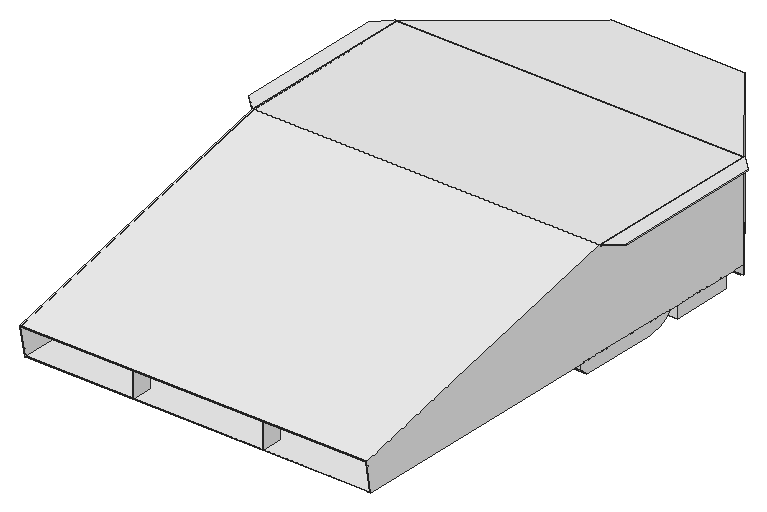
Revit family "HARMANN  -REVIT - INDUFLOW CPC_F3", category Wyposażenie mechaniczne, Revit 2025
Family settings
  Wymiar okrągłego złącza = Użyj średnicy
  Typ części = Normalny
  Numer OmniClass = 23.75.00.00
  Tytuł OmniClass = Climate Control (HVAC)
  Oparty na płaszczyźnie roboczej = Nie
  Zawsze pionowo = Nie
  Tnij formami wycięć po wczytaniu = Nie
  Zachowaj orientację opisów = Nie
  Współdzielony = Nie
  Punkt obliczania pomieszczeń = Nie
Parameters (values of type "INDUFLOW CPC 500 D4 F3")
  h = 70.00 mm
  g = 163.00 mm
  f = 163.00 mm
  e = 15.00 mm
  d = 77.00 mm
  c = 714.00 mm
  b = 228.50 mm
  a = 110.00 mm
  Zasilanie natężenie maksymalne II bieg Imax = 0 A
  Zasilanie natężenie maksymalne I bieg Imax = 3.7 A
  Zasilanie napięcie nominalne Unom = 400 V  # constant formula
  Zasilanie Rodzaj Sterowania = "I bieg Y"
  Zasilanie Moc maksymalna II Pmax = 1891 W
  Zasilanie Moc maksymalna I Pmax = 0 W
  Zasilanie Częstotliwość Nominalna = 50 Hz  # constant formula
  Wyłącznik serwisowy = "AS"
  Temperatura maksymalna Tmax = 60 °C  # constant formula
  Siła ciągu II bieg F = 51.00 N
  Siła ciągu I bieg F = 0.00 N
  Powietrze Przepływ Maksymalny II Qmax = 6530 m³/h
  Powietrze Przepływ Maksymalny I Qmax = 0 m³/h
  Obroty maksymalne II bieg nmax = 1450.000 RPM
  Obroty maksymalne I bieg nmax = 0.000 RPM
  N1 = 1 mm
  Producent = "Harmann Polska Sp. z o.o."  # constant formula
  Lookup Table Name = "INDUFLOW_CPC"
  Typ = "Jednobiegowy"
  Klasa odporności ogniowej Tmax = "300 oC/2h"
  K = size_lookup(Lookup Table Name, "K", 1.00 mm, N1)  # 914.00 mm
  Ilość faz = 3  # constant formula
  H = size_lookup(Lookup Table Name, "H", 1.00 mm, N1)  # 15.00 mm
  G = size_lookup(Lookup Table Name, "G", 1.00 mm, N1)  # 285.00 mm
  Numer artykułu = "15960200"
  Model = "INDUFLOW CPC 500 D4 F3"
  Masa = 56.00 kg
  F = size_lookup(Lookup Table Name, "F", 1.00 mm, N1)  # 243.00 mm
  Opis = "Indukcyjny wentylator bytowy"  # constant formula
  Domyślna rzędna = 0.00 mm
  E = size_lookup(Lookup Table Name, "E", 1.00 mm, N1)  # 950.00 mm
  Ciśnienie akustyczne nominalne II bieg Lpa = "76.0 dB(A)"
  Ciśnienie akustyczne nominalne I bieg Lpa = "0"
  C = size_lookup(Lookup Table Name, "C", 1.00 mm, N1)  # 870.00 mm
  B = size_lookup(Lookup Table Name, "B", 1.00 mm, N1)  # 273.00 mm
  Autor = "https://www.archispace.com/"
  A = size_lookup(Lookup Table Name, "A", 1.00 mm, N1)  # 1446.00 mm
Types (4, lengths in mm): name | g | f | c | b | a | Zasilanie natężenie maksymalne II bieg Imax | Zasilanie natężenie maksymalne I bieg Imax | Zasilanie Rodzaj Sterowania | Zasilanie Moc maksymalna II Pmax | Zasilanie Moc maksymalna I Pmax | Siła ciągu II bieg F | Siła ciągu I bieg F | Powietrze Przepływ Maksymalny II Qmax | Powietrze Przepływ Maksymalny I Qmax | Obroty maksymalne II bieg nmax | Obroty maksymalne I bieg nmax | N1 | Typ | K | Numer artykułu | Model | Masa | F | E | Ciśnienie akustyczne nominalne II bieg Lpa | Ciśnienie akustyczne nominalne I bieg Lpa | C | B | A
  INDUFLOW CPC 560 D84 F3 | 181.00 | 187.50 | 814.00 | 281.50 | 164.50 | 6 A | 2.3 A | "II biegi Y/YY" | 3060 W | 597 W | 81.00 N | 20.00 N | 7980 m³/h | 3990 m³/h | 1460.000 RPM | 705.000 RPM | 4 | "Dwubiegowy" | 1020.00 | "15968700" | "INDUFLOW CPC 560 D84 F3" | 71.00 kg | 271.00 | 1054.00 | "77.0 dB(A)" | "61.0 dB(A)" | 974.00 | 301.00 | 1753.00
  INDUFLOW CPC 560 D4 F3 | 181.00 | 187.50 | 814.00 | 281.50 | 164.50 | 5.2 A | 0 A | "I bieg Y" | 2705 W | 0 W | 80.00 N | 0.00 N | 7920 m³/h | 0 m³/h | 1440.000 RPM | 0.000 RPM | 3 | "Jednobiegowy" | 1020.00 | "15769800" | "INDUFLOW CPC 560 D4 F3" | 74.50 kg | 271.00 | 1054.00 | "77.0 dB(A)" | "0.0 dB(A)" | 974.00 | 301.00 | 1753.00
  INDUFLOW CPC 500 D84 F3 | 163.00 | 163.00 | 714.00 | 228.50 | 110.00 | 1.5 A | 4.5 A | "II biegi Y/YY" | 2094 W | 350 W | 50.00 N | 12.00 N | 6500 m³/h | 3219 m³/h | 1460.000 RPM | 715.000 RPM | 2 | "Dwubiegowy" | 914.00 | "15963200" | "INDUFLOW CPC 500 D84 F3" | 56.00 kg | 243.00 | 950.00 | "76.0 dB(A)" | "61.0 dB(A)" | 870.00 | 273.00 | 1446.00
  INDUFLOW CPC 500 D4 F3 | 163.00 | 163.00 | 714.00 | 228.50 | 110.00 | 0 A | 3.7 A | "I bieg Y" | 1891 W | 0 W | 51.00 N | 0.00 N | 6530 m³/h | 0 m³/h | 1450.000 RPM | 0.000 RPM | 1 | "Jednobiegowy" | 914.00 | "15960200" | "INDUFLOW CPC 500 D4 F3" | 56.00 kg | 243.00 | 950.00 | "76.0 dB(A)" | "0" | 870.00 | 273.00 | 1446.00
Reference planes
  plane 1 "Center (Front/Back)": y = 0
  plane 2: z = 0
  plane 3 "Center (Left/Right)": x = 0
  plane 4: x = -457
  plane 5: x = 457
  plane 6: z = 273
  plane 7: y = -1446
  plane 8: z = 30
  plane 9: x = -435
  plane 10: x = 435
  plane 11: x = -432.5
  plane 12: x = 432.5
  plane 13: x = -110
  plane 14: x = 228.5
  plane 15: y = -264
  plane 16: y = -714
  plane 17: z = 107
  plane 18: y = -1431
  plane 19: x = -163
  plane 20: x = 163
  plane 21: z = 271
Forms (mm)
  Sweep 1, solid, material "HARMANN - Aluminium", detail levels medium+fine
    path origin (-123, 0, 0) x (1, 0, 0) y (0, 1, 0)
      loop
        line (-40, -1381) -> (-40, -1431)
    profile origin (-163, -1406, 0) x (1, 0, 0) y (0, 0, 1)
      loop
        line (1.25, 104.958) -> (-1.25, 104.958) -> (-1.25, 32) -> (1.25, 32) -> (1.25, 104.958)
  Sweep 2, solid, material "HARMANN - Aluminium", detail levels medium+fine
    path origin (389, 0, 0) x (1, 0, 0) y (0, 1, 0)
      loop
        line (-226, -1381) -> (-226, -1431)
    profile origin (163, -1406, 0) x (1, 0, 0) y (0, 0, 1)
      loop
        line (1.25, 104.958) -> (-1.25, 104.958) -> (-1.25, 32) -> (1.25, 32) -> (1.25, 104.958)
  Extrusion 3, solid, material "HARMANN - Aluminium", detail levels coarse
    sketch origin (0, 0, 0) x (0, -1, 0) y (0, 0, -1)
      loop
        line (0, -273) -> (714, -273) -> (1446, -107) -> (1446, 0) -> (0, 0) -> (0, -273)
    from -435 to 435
  Sweep 4, void
    path origin (0, 0, 0) x (0, 1, 0) y (0, 0, 1)
      loop
        line (0, 30) -> (0, 0)
    profile origin (0, 0, 15) x (1, 0, 0) y (0, 1, 0)
      loop
        line (-435, 0) -> (-435, -264) -> (-110, 0) -> (-435, 0)
      loop
        line (435, 0) -> (228.5, 0) -> (435, -264) -> (435, 0)
  Sweep 5, solid, material "HARMANN - Aluminium", detail levels medium+fine
    path origin (0, 0, 0) x (1, 0, 0) y (0, 1, 0)
      loop
        line (-435, -439) -> (435, -439)
    profile origin (0, -439, 0) x (0, 1, 0) y (0, 0, 1)
      loop
        line (-333.4, 30) -> (-333.4, 18) -> (-315.4, 0) -> (-118.99, 0)
        arc (-118.99, 0) -> (-84.349, 7.889) -> (-56.54, 30) r 80
        line (-56.54, 30) -> (-333.4, 30)
      loop
        line (418.7, 0) -> (436.7, 18) -> (436.7, 30) -> (146.34, 30)
        arc (146.34, 30) -> (174.149, 7.889) -> (208.79, 0) r 80
        line (208.79, 0) -> (418.7, 0)
      loop
        line (121.238, 0) -> (121.238, 30) -> (-31.438, 30) -> (-31.438, 0) -> (121.238, 0)
  Extrusion 6, solid, material "HARMANN - Aluminium", detail levels medium+fine
    sketch origin (0, 381.858, 30) x (-1, 0, 0) y (0, 1, 0)
      loop
        line (-435, -645.858) -> (435, -645.858) -> (110, -381.858) -> (-228.5, -381.858) -> (-435, -645.858)
    from -243 to 0
  Sweep 7, solid, material "HARMANN - Aluminium", detail levels medium+fine
    path origin (0, 381.858, 30) x (-1, 0, 0) y (0, -1, 0)
      loop
        line (-432.5, 645.858) -> (432.5, 645.858)
    profile origin (0, -264, 30) x (0, -1, 0) y (0, 0, 1)
      loop
        line (0, 243) -> (0, 0) -> (1167, 0) -> (1167, 2) -> (2, 2) -> (2, 241) -> (449.776, 241) -> (1182, 74.949) -> (1182, 77) -> (450, 243) -> (0, 243)
  Sweep 8, solid, material "HARMANN - Aluminium", detail levels medium+fine
    path origin (0, 381.858, 30) x (-1, 0, 0) y (0, -1, 0)
      loop
        line (432.5, 645.858) -> (435, 645.858)
    profile origin (-433.75, -264, 30) x (0, -1, 0) y (0, 0, 1)
      loop
        line (0, 243) -> (0, 0) -> (1167, 0) -> (1182, 77) -> (450, 243) -> (0, 243)
  Sweep 9, solid, material "HARMANN - Aluminium", detail levels medium+fine
    path origin (0, 381.858, 30) x (-1, 0, 0) y (0, -1, 0)
      loop
        line (-435, 645.858) -> (-432.5, 645.858)
    profile origin (433.75, -264, 30) x (0, -1, 0) y (0, 0, 1)
      loop
        line (0, 243) -> (0, 0) -> (1167, 0) -> (1182, 77) -> (450, 243) -> (0, 243)
  Sweep 10, solid, material "HARMANN - Aluminium", detail levels medium+fine
    path origin (0, 0, 0) x (1, 0, 0) y (0, 0, 1)
      loop
        line (-435, 273) -> (-435, 271)
    profile origin (-435, 0, 272) x (0, -1, 0) y (1, 0, 0)
      loop
        line (264, 0) -> (264, -4) -> (300, -40) -> (678, -40) -> (714, -4) -> (714, 0) -> (264, 0)
  Sweep 11, solid, material "HARMANN - Aluminium", detail levels medium+fine
    path origin (0, 0, 0) x (-1, 0, 0) y (0, 0, -1)
      loop
        line (-435, -273) -> (-435, -271)
    profile origin (435, 0, 272) x (0, -1, 0) y (1, 0, 0)
      loop
        line (264, 0) -> (714, 0) -> (714, 4) -> (678, 40) -> (300, 40) -> (264, 4) -> (264, 0)
  Sweep 12, solid, material "HARMANN - Aluminium", detail levels medium+fine
    path in 3D
      loop
        line (-172.854, -51.057, 273) -> (-250.473, -114.107, 273)
    profile origin (-211.664, -82.582, 273) x (0.630503, -0.776187, 0) y (0, 0, 1)
      loop
        line (0, -70) -> (-70, -70) -> (-70, -231) -> (0, -231) -> (0, -70)
Cuts and joins
  Sweep 4 cuts Sweep 5
  joined: Sweep 7, Sweep 8, Sweep 9
Lines and regions (mm)
  sketch lines
    curve 1: line (-172.854, -51.057, 273) -> (-250.473, -114.107, 273)
Dimensions and locks
  locked: plane 12 to plane 10 at 2.5
  locked: plane 9 to plane 11 at 2.5
  "A": plane 7 to plane 1 "Center (Front/Back)"
  "K": plane 4 to plane 5
  equal spacing: plane 4, plane 3 "Center (Left/Right)", plane 5
  locked: Sweep 1 sketch curve to plane 18 at 50
  equal spacing: plane 9, plane 3 "Center (Left/Right)", plane 10
  "C": plane 9 to plane 10
  locked: plane 8 to level at 30
  "F": plane 8 to plane 6
  plane 15 to plane 1 "Center (Front/Back)" = 264.00 mm
  "a": plane 13 to plane 3 "Center (Left/Right)"
  "b": plane 3 "Center (Left/Right)" to plane 14
  "c": plane 16 to plane 1 "Center (Front/Back)"
  "c": plane 1 "Center (Front/Back)" to plane 16
  "d": plane 8 to plane 17
  locked: plane 18 to plane 7 at 15
  locked: plane 15 to Sweep 7 sketch curve at 2
  locked: plane 8 to Sweep 7 sketch curve at 2
  locked: Sweep 7 sketch curve to Sweep 7 sketch curve at 2
  "f": plane 19 to plane 3 "Center (Left/Right)"
  locked: plane 18 to Sweep 2 sketch curve at 50
  "g": plane 3 "Center (Left/Right)" to plane 20
  locked: plane 6 to plane 21 at 2
  locked: Sweep 10 sketch curve to plane 9 at 40
  locked: Sweep 10 sketch curve to plane 15 at 36
  locked: Sweep 10 sketch curve to plane 16 at 36
  locked: Sweep 10 sketch curve to plane 9 at 4  (x2)
  locked: plane 10 to Sweep 11 sketch curve at 40
  plane 10 to Sweep 11 sketch curve = 40.00 mm
  locked: Sweep 11 sketch curve to plane 15 at 36
  locked: Sweep 11 sketch curve to plane 16 at 36
  aligned and locked: level to plane 2
  aligned and locked: Extrusion 3 sketch curve to plane 1 "Center (Front/Back)"
  aligned and locked: plane 1 "Center (Front/Back)" to Sweep 4 sketch curve  (x3)
  aligned and locked: level to Sweep 4 sketch curve
  aligned and locked: plane 9 to Sweep 4 sketch curve
  aligned and locked: plane 13 to Sweep 4 sketch curve
  aligned and locked: plane 15 to Sweep 4 sketch curve  (x2)
  aligned and locked: plane 10 to Sweep 4 sketch curve
  aligned and locked: plane 14 to Sweep 4 sketch curve
  aligned and locked: level to Sweep 5 sketch curve
  aligned and locked: plane 15 to Extrusion 6 sketch curve
  aligned and locked: plane 1 "Center (Front/Back)" to Extrusion 6 sketch curve
  aligned and locked: plane 13 to Extrusion 6 sketch curve
  aligned and locked: plane 14 to Extrusion 6 sketch curve
  aligned and locked: plane 10 to Extrusion 6 sketch curve
  aligned and locked: plane 9 to Extrusion 6 sketch curve
  aligned and locked: plane 6 to Extrusion 6
  aligned and locked: plane 8 to Extrusion 6
  aligned and locked: plane 8 to Sweep 4 sketch curve
  aligned and locked: Extrusion 3 sketch curve to plane 6
  aligned and locked: plane 7 to Extrusion 3 sketch curve
  aligned and locked: plane 15 to Sweep 7 sketch curve  (x2)
  aligned and locked: Sweep 7 sketch curve to plane 6
  aligned and locked: Sweep 7 sketch curve to plane 8
  aligned and locked: Sweep 7 sketch curve to plane 7
  aligned and locked: plane 16 to Sweep 7 sketch curve
  aligned and locked: plane 17 to Sweep 7 sketch curve
  aligned and locked: Sweep 7 sketch curve to plane 18
  aligned and locked: plane 11 to Sweep 7 sketch curve
  aligned and locked: plane 12 to Sweep 7 sketch curve
  aligned and locked: plane 9 to Sweep 8 sketch curve
  aligned and locked: plane 11 to Sweep 8 sketch curve
  aligned and locked: plane 15 to Sweep 8 sketch curve
  aligned and locked: Sweep 8 sketch curve to plane 6
  aligned and locked: Sweep 8 sketch curve to plane 8
  aligned and locked: plane 18 to Sweep 8 sketch curve
  aligned and locked: plane 17 to Sweep 8 sketch curve
  aligned and locked: plane 7 to Sweep 8 sketch curve
  aligned and locked: plane 16 to Sweep 8 sketch curve
  aligned and locked: plane 10 to Sweep 9 sketch curve
  aligned and locked: plane 12 to Sweep 9 sketch curve
  aligned and locked: plane 18 to Sweep 9 sketch curve
  aligned and locked: plane 8 to Sweep 9 sketch curve
  aligned and locked: Sweep 9 sketch curve to plane 15
  aligned and locked: plane 6 to Sweep 9 sketch curve
  aligned and locked: plane 16 to Sweep 9 sketch curve
  aligned and locked: plane 17 to Sweep 9 sketch curve
  aligned and locked: plane 7 to Sweep 9 sketch curve
  aligned and locked: Extrusion 3 to plane 9
  aligned and locked: Extrusion 3 to plane 10
  aligned and locked: plane 16 to Extrusion 3 sketch curve
  aligned and locked: plane 17 to Extrusion 3 sketch curve
  aligned and locked: Sweep 1 sketch curve to plane 19
  aligned and locked: plane 18 to Sweep 1 sketch curve
  aligned and locked: plane 18 to Sweep 2 sketch curve
  aligned and locked: Sweep 2 sketch curve to plane 20
  aligned and locked: plane 21 to Sweep 7 sketch curve
  aligned and locked: Sweep 10 sketch curve to plane 9
  aligned and locked: plane 6 to Sweep 10 sketch curve
  aligned and locked: plane 21 to Sweep 10 sketch curve
  aligned and locked: plane 16 to Sweep 10 sketch curve
  aligned and locked: Sweep 11 sketch curve to plane 10  (x2)
  aligned and locked: plane 6 to Sweep 11 sketch curve
  aligned and locked: plane 21 to Sweep 11 sketch curve
  aligned and locked: plane 16 to Sweep 11 sketch curve
  aligned and locked: plane 15 to Sweep 11 sketch curve
Automatic sketch dimensions
  profile plane to Sweep 1 sketch curve = 1.25 mm
  Sweep 1 sketch curve to profile plane = 1.25 mm
  plane 2 to Sweep 1 sketch curve = 32.00 mm
  Sweep 1 sketch curve to Sweep 1 sketch curve = 72.958 mm
  profile plane to Sweep 2 sketch curve = 1.25 mm
  Sweep 2 sketch curve to profile plane = 1.25 mm
  plane 2 to Sweep 2 sketch curve = 32.00 mm
  Sweep 2 sketch curve to Sweep 2 sketch curve = 72.958 mm
  Extrusion 3 sketch curve to level = 0.00 mm
  Sweep 5 sketch curve to plane 9 = 0.00 mm
  Sweep 5 sketch curve to plane 10 = 0.00 mm
  plane 15 to Sweep 5 sketch curve = 175.00 mm
  Sweep 5 sketch curve to plane 2 = 0.00 mm  (x2)
  plane 2 to Sweep 5 sketch curve = 30.00 mm  (x2)
  profile plane to Sweep 5 sketch curve = 333.40 mm
  Sweep 5 sketch curve to Sweep 5 sketch curve = 18.00 mm  (x2)
  profile plane to Sweep 5 sketch curve = 118.99 mm
  profile plane to Sweep 5 sketch curve = 56.54 mm
  Sweep 5 sketch curve to Sweep 5 sketch curve = 25.102 mm  (x2)
  Sweep 5 sketch curve to profile plane = 121.238 mm
  Sweep 5 sketch curve to Sweep 5 sketch curve = 62.45 mm
  Sweep 5 sketch curve to Sweep 5 sketch curve = 209.91 mm
  Sweep 5 sketch curve to Sweep 5 sketch curve = 12.00 mm  (x2)
  plane 2 to Sweep 5 sketch curve = 18.00 mm
  plane 15 to Sweep 8 sketch curve = 0.00 mm
  plane 15 to Sweep 9 sketch curve = 0.00 mm
  Sweep 10 sketch curve to profile plane = 0.00 mm
  Sweep 10 sketch curve to Sweep 10 sketch curve = 36.00 mm
  Sweep 11 sketch curve to profile plane = 4.00 mm  (x2)
  Sweep 12 sketch curve to profile plane = 0.00 mm
  profile plane to Sweep 12 sketch curve = 70.00 mm
  Sweep 12 sketch curve to profile plane = 70.00 mm
  Sweep 12 sketch curve to Sweep 12 sketch curve = 161.00 mm
Connectors
  electrical at (-255.799, -28.249, 122.5), driven by "Ilość faz", driven by "Zasilanie napięcie nominalne Unom", driven by "Zasilanie Moc maksymalna I Pmax", driven by "Zasilanie Moc maksymalna II Pmax"
    settings: on Sweep 12, index 1, voltage 400 V, apparent load 0 VA, apparent load phase1 0 VA, apparent load phase2 1891 VA, apparent load phase3 0 VA, power factor 1, load classification "Other", number of poles 3, system type 31, power factor state 1, is connector primary yes, connector utility no, sub classification motor no, connector description ""
